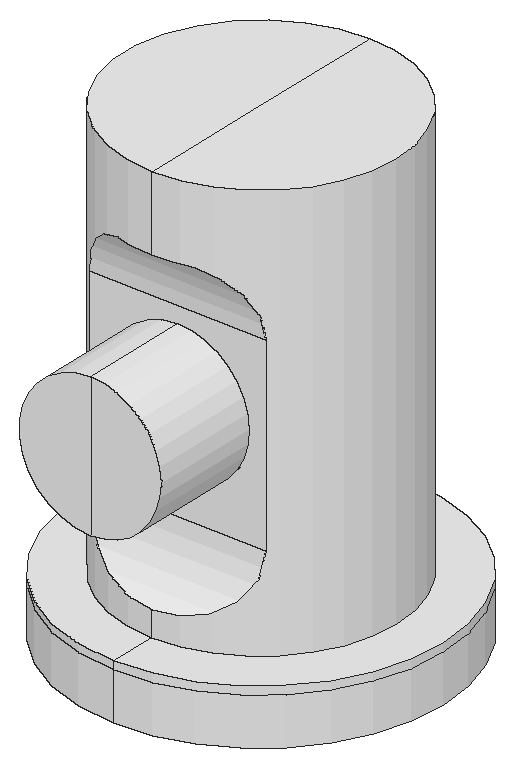
Revit family "Shower_Arm-Rainshower-Grohe-26635_Series", category Plumbing Fixtures, host Face, Revit 2018
Family settings
  Host = Face
  Round Connector Dimension = Use Diameter
  Part Type = Normal
  OmniClass Number = 23.45.05.14.17
  OmniClass Title = Showers
  Cut with Voids When Loaded = No
  Shared = Yes
  Room Calculation Point = No
Parameters (values of type "26635000")
  Width = 1 15/16"
  Waste Connection = no
  Warranty Information = "Limited Lifetime Warranty"  # constant formula
  WFU = 4  # constant formula
  Vent Connection = no
  URL = "https://www.grohe.us/"
  Type Comments = ""
  Region = "North America"  # constant formula
  Product Page URL = "https://www.grohe.us/Hand-Showers-Accessories/Wall-Union/GROHE-CHROME-26635000"
  Product Documentation Link = "https://americanstandard.box.com/shared/static/ujkvxi7hnlv3u7x9d69ptjhrju0cje0q.pdf"
  Price = "Prices may vary. Please consult Manufacturer Representative for most up-to-date price list."  # constant formula
  Model = "26635000"
  Material = "Metal-Grohe-000-Starlight Chrome"
  Manufacturer = "Grohe"  # constant formula
  Length = 2 1/2"
  Installation Type = "Wall-mounted"  # constant formula
  Height = 1 15/16"
  HWFU = 3  # constant formula
  HW Connection = yes
  Description = "RainShower Wall Union, 1/2"  # constant formula
  Default Elevation = 0"
  Creation Date = "03/30/2021"  # constant formula
  CWFU = 3  # constant formula
  CW Connection = yes
  Body Material = Metal-Grohe-000-Starlight Chrome
  Assembly Code = "D2010700"
Types (6): name | Product Page URL | Product Documentation Link | Model | Material | Body Material
  (no name) | "https://www.grohe.us/Hand-Showers-Accessories/Wall-Union/GROHE-CHROME-26635000" | "https://americanstandard.box.com/shared/static/ujkvxi7hnlv3u7x9d69ptjhrju0cje0q.pdf" | "26635000" | "Metal-Grohe-000-Starlight Chrome" | Metal-Grohe-000-Starlight Chrome
  26635000 | "https://www.grohe.us/Hand-Showers-Accessories/Wall-Union/GROHE-CHROME-26635000" | "https://americanstandard.box.com/shared/static/ujkvxi7hnlv3u7x9d69ptjhrju0cje0q.pdf" | "26635000" | "Metal-Grohe-000-Starlight Chrome" | Metal-Grohe-000-Starlight Chrome
  26635A00 | "https://www.grohe.us/Hand-Showers-Accessories/Wall-Union/GROHE-HARD-GRAPHITE-26635A00" | "https://americanstandard.box.com/shared/static/esuzvv9v0k7relk1y3hivlahx1uolusl.pdf" | "26635A00" | "Metal-Grohe-A00-Hard Graphite" | Metal-Grohe-A00-Hard Graphite
  26635BE0 | "https://www.grohe.us/Hand-Showers-Accessories/Wall-Union/GROHE-POLISHED-NICKEL-26635BE0" | "https://americanstandard.box.com/shared/static/45xinue17aoer3hvksvilcqvj1nx0a9l.pdf" | "26635BE0" | "Metal-Grohe-BE0-Polished Nickel Infinity Finish" | Metal-Grohe-BE0-Polished Nickel Infinity Finish
  26635EN0 | "https://www.grohe.us/Hand-Showers-Accessories/Wall-Union/GROHE-BRUSHED-NICKEL-26635EN0" | "https://americanstandard.box.com/shared/static/4vaa1p5am5t4z6zib39jl6nogpiezl4s.pdf" | "26635EN0" | "Metal-Grohe-EN0-Brushed Nickel Infinity Finish" | Metal-Grohe-EN0-Brushed Nickel Infinity Finish
  26635GN0 | "https://www.grohe.us/Hand-Showers-Accessories/Wall-Union/GROHE-BRUSHED-COOL-SUNRISE-26635GN0" | "https://americanstandard.box.com/shared/static/wgopxlnib18tz1v81e70y0leiyvnkd2j.pdf" | "26635GN0" | "Metal-Grohe-GN0-Brushed Cool Sunrise" | Metal-Grohe-GN0-Brushed Cool Sunrise
Reference planes (in)
  plane 1 "Center (Front/Back)": y = 0
  plane 2: z = 0
  plane 3 "Center (Left/Right)": x = 0
  plane 4: z = 2.5
  plane 5: y = -0.96875
  plane 6: y = 0.96875
  plane 7: z = 1.33203
  plane 8: y = -1.125
  plane 9: z = 1.70703
  plane 10: z = 0.95703
  plane 11: x = 0.96875
  plane 12: x = -0.96875
Forms (in)
  Revolve 1, solid, material "Metal-Grohe-000-Starlight Chrome" <- "Body Material"
    sketch origin (0, 0, 0) x (0, 1, 0) y (0, 0, 1)
      loop
        line (0, 2.5) -> (-0.71875, 2.5) -> (-0.71875, 0.29474) -> (-0.96875, 0.29474) -> (-0.96875, 0.25) -> (-0.96875, 0) -> (0, 0) -> (0, 2.5)
      axis (0, 0) -> (0, 2.5)
    angle from 0 to 360
  Extrusion 2, void
    sketch origin (0, 0, 0) x (0, 1, 0) y (0, 0, 1)
      loop
        line (-0.54809, 0.7923) -> (-0.54809, 1.7923)
        arc (-0.54809, 1.7923) -> (-0.5847, 1.96384) -> (-0.68817, 2.10548) r 0.42012
        line (-0.68817, 2.10548) -> (-0.96875, 2.10548) -> (-0.96875, 0.42289) -> (-0.72302, 0.42289)
        arc (-0.72302, 0.42289) -> (-0.59403, 0.58793) -> (-0.54809, 0.7923) r 0.47752
    from -0.87236 to 1.3312
  Revolve 3, solid, material "Metal-Grohe-000-Starlight Chrome" <- "Body Material"
    sketch origin (0, 0, 0) x (0, 1, 0) y (0, 0, 1)
      loop
        line (0, 1.33203) -> (0, 1.70703) -> (-1.125, 1.70703) -> (-1.125, 1.33203) -> (0, 1.33203)
      axis (0, 1.33203) -> (-1.125, 1.33203)
    angle from 0 to 360
  Extrusion 4, solid
    sketch origin (0, 0, 0) x (1, 0, 0) y (0, 1, 0)
      loop
        circle (0, 0) r 0.25
    from -0.0625 to 0
Cuts and joins
  Extrusion 2 cuts Revolve 1
Lines and regions (in)
  Masking region 1
    outline origin (0, 0, 0) x (1, 0, 0) y (0, 0, 1)
      loop
        line (-0.71875, 2.5) -> (-0.71875, 0.29474) -> (-0.96875, 0.29474) -> (-0.96875, 0) -> (0.96875, 0) -> (0.96875, 0.29474) -> (0.71875, 0.29474) -> (0.71875, 2.5) -> (0, 2.5) -> (-0.71875, 2.5)
  symbolic lines, detail levels fine
    curve 1: line (0.71875, 0, 0.29474) -> (-0.71875, 0, 0.29474)
Dimensions and locks (in)
  "Length": host face to plane 4
  "Height": plane 6 to plane 5
  "Width": plane 12 to plane 11
  aligned and locked: plane 2 to host face
  aligned and locked: level to host face
  aligned and locked: Revolve 1 sketch curve to plane 1 "Center (Front/Back)"
  aligned and locked: Revolve 1 sketch curve to host face
  aligned and locked: plane 5 to Revolve 1 sketch curve
  aligned and locked: Revolve 1 sketch curve to plane 4
  aligned and locked: plane 8 to Revolve 3 sketch curve
  aligned and locked: Revolve 3 sketch curve to plane 9
  aligned and locked: Revolve 3 sketch curve to plane 1 "Center (Front/Back)"
  aligned and locked: plane 7 to Revolve 3 sketch curve
Automatic sketch dimensions
  host sketch curve to host sketch curve = 96"  (x2)
  Revolve 1 sketch curve to plane 1 "Center (Front/Back)" = 0"
  Revolve 1 sketch curve to plane 5 = 1/4"
  Revolve 1 sketch curve to Revolve 1 sketch curve = 1/4"
  Revolve 1 sketch curve to Revolve 1 sketch curve = 0.04474"
  Revolve 1 sketch curve to plane 4 = 1/4"
  Revolve 1 sketch curve to Revolve 1 sketch curve = 0.35992"
  Extrusion 2 sketch curve to plane 5 = 0"
  plane 5 to Extrusion 2 sketch curve = 0.05686"
  Extrusion 2 sketch curve to plane 5 = 0.00055"
  Extrusion 2 sketch curve to plane 5 = 0.24573"
  Extrusion 2 sketch curve to plane 5 = 0.28058"
  Extrusion 2 sketch curve to plane 9 = 0.08527"
  Extrusion 2 sketch curve to Extrusion 2 sketch curve = 0.14009"
  plane 10 to Extrusion 2 sketch curve = 0.16473"
  plane 7 to Revolve 3 sketch curve = 0"
  Revolve 3 sketch curve to Revolve 3 sketch curve = 0.31141"
  Revolve 3 sketch curve to Revolve 3 sketch curve = 0.31418"
  Masking region 1 sketch curve to plane 12 = 0"
  Masking region 1 sketch curve to plane 4 = 0"
  Masking region 1 sketch curve to plane 3 "Center (Left/Right)" = 0"
  Masking region 1 sketch curve to level = 0"
  plane 11 to Masking region 1 sketch curve = 0"
  Masking region 1 sketch curve to Masking region 1 sketch curve = 1/4"
  plane 11 to Masking region 1 sketch curve = 1/4"
  level to Masking region 1 sketch curve = 0.29474"
  Masking region 1 sketch curve to Masking region 1 sketch curve = 0.29474"
  plane 12 to curve 1 = 1/4"
  level to curve 1 = 0.29474"
  plane 11 to curve 1 = 1/4"
  plane 1 "Center (Front/Back)" to Extrusion 4 sketch curve = 0"
  Extrusion 4 sketch curve to plane 3 "Center (Left/Right)" = 0"
  radius of Extrusion 4 sketch curve = 1/4"
Connectors (in)
  piping at (0, 0, -0.0625), diameter 0.5
    settings: on Extrusion 4, index 2, connector inside diameter 24", connector length 0", flow factor 0, pipe flow 0 GPM, pressure drop 0.00 psi, fitting loss kfactor 0, connector angle 0.00°, fixture units 0, engagement length 0", angle of deflection 0.00°, flow configuration 0, flow direction 1, fitting loss method 0, system type 29, joint type 0, gender type 0, connector reference index -1, connector utility 0, adjustable connector no, is connector primary yes, connector description "1/2\" NPT Female Threads"
